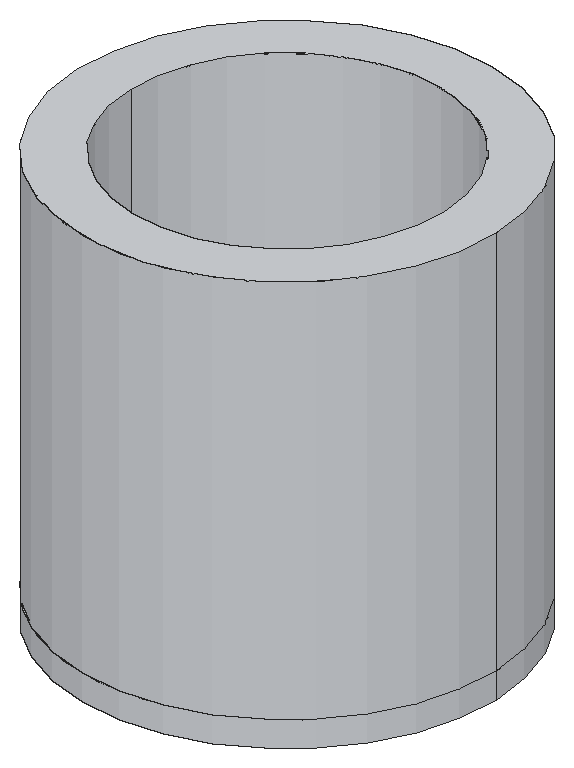
Revit family "be72fcf0095942bf83ea801dab4d96ef", category Lighting Fixtures, host Face, Revit 2021
Family settings
  Host = Face
  Round Connector Dimension = Use Diameter
  Part Type = Normal
  OmniClass Number = 23.80.70.11.14.11
  OmniClass Title = Downlights
  Seek Item ID = Downlight - Recessed Can-0000-USA-ENU
  Cut with Voids When Loaded = No
  Light Source = Yes
  Shared = No
  Room Calculation Point = No
Parameters (values of type "Fluorescent - 277V")
  Wattage = 18 W
  built-in parameter 1150110 = 1 (stored number, unit not read)
  built-in parameter 1150109 = 1 (stored number, unit not read)
  built-in parameter 1150134 = 8
  built-in parameter 1150113 = 1 (stored number, unit not read)
  Tilt Angle = -90.00°
  Recessing Radius = Recessing Diameter / 2  # 0' - 4"
  Recessing Inner Radius = Recessing Radius - 0' 1"  # 0' - 3"
  Recessing Height = 0' - 8"
  Recessing Diameter = 0' - 8"
  Photometric Web File = "DRC1CF.ies"
  Material = none
  Lumens = 1249.92 lm
  built-in parameter 1114217 = 0.88 (stored number, unit not read)
  built-in parameter 1150115 = 1 (stored number, unit not read)
  built-in parameter 1150105 = 99.465 (stored number, unit not read)
  Load Classification = Lighting - Dwelling Unit
  built-in parameter 1150137 = 1
  built-in parameter 1150139 = (empty or 0)
  built-in parameter 1150112 = 1 (stored number, unit not read)
  built-in parameter 1150114 = 1 (stored number, unit not read)
  Lamp = ""
  built-in parameter 1150132 = (empty or 0)
  built-in parameter 1150102 = (empty or 0)
  built-in parameter 1150138 = (empty or 0)
  built-in parameter 1150107 = 4230 (stored number, unit not read)
  built-in parameter 1150106 = 0.99465 (stored number, unit not read)
  built-in parameter 1150104 = 6.4512 (stored number, unit not read)
  Dimming Lamp Color Temperature Shift = <None>
  Default Elevation = 4' - 0"
  Color Filter = 16777215
  built-in parameter 1140040 [instance] = 1
  Ballast Voltage = 277 V
  Ballast Number of Poles = 1
  built-in parameter 1114218 = 0.88 (stored number, unit not read)
  built-in parameter 1150133 = 10 (stored number, unit not read)
  Assembly Code = "D5020210"
  Apparent Load = 18 VA
Types (7): name | Wattage | built-in parameter 1150134 | Recessing Radius | Recessing Inner Radius | Recessing Diameter | Photometric Web File | Lumens | built-in parameter 1114217 | built-in parameter 1150105 | Lamp | built-in parameter 1150107 | built-in parameter 1150106 | built-in parameter 1150104 | Ballast Voltage | built-in parameter 1114218 | Assembly Code | Apparent Load
  (no name) | 18 W | 8 | 0' - 4" | 0' - 3" | 0' - 8" | "DRC1CF.ies" | 1249.92 lm | 0.88 (stored number, unit not read) | 99.465 (stored number, unit not read) | "" | 4230 (stored number, unit not read) | 0.99465 (stored number, unit not read) | 6.4512 (stored number, unit not read) | 277 V | 0.88 (stored number, unit not read) | "D5020210" | 18 VA
  6" Incandescent - 120V | 60 W | 4 | 0' - 3" | 0' - 2" | 0' - 6" | "CLFR1A19.ies" | 855 lm | 1 (stored number, unit not read) | 68.039 (stored number, unit not read) | "A-19" | 2800 (stored number, unit not read) | 0.68039 (stored number, unit not read) | 1.3239 (stored number, unit not read) | 120 V | 1 (stored number, unit not read) | "D5020220" | 60 VA
  6" Incandescent - 277V | 60 W | 4 | 0' - 3" | 0' - 2" | 0' - 6" | "CLFR1A19.ies" | 855 lm | 1 (stored number, unit not read) | 68.039 (stored number, unit not read) | "A-19" | 2800 (stored number, unit not read) | 0.68039 (stored number, unit not read) | 1.3239 (stored number, unit not read) | 277 V | 1 (stored number, unit not read) | "D5020220" | 60 VA
  8" Incandescent - 120V | 100 W | 4 | 0' - 4" | 0' - 3" | 0' - 8" | "CLFR1A21.ies" | 1750 lm | 1 (stored number, unit not read) | 139.26 (stored number, unit not read) | "A-19" | 2800 (stored number, unit not read) | 1.3926 (stored number, unit not read) | 1.6258 (stored number, unit not read) | 120 V | 1 (stored number, unit not read) | "D5020220" | 100 VA
  8" Incandescent - 277V | 100 W | 4 | 0' - 4" | 0' - 3" | 0' - 8" | "CLFR1A21.ies" | 1750 lm | 1 (stored number, unit not read) | 139.26 (stored number, unit not read) | "A-19" | 2800 (stored number, unit not read) | 1.3926 (stored number, unit not read) | 1.6258 (stored number, unit not read) | 277 V | 1 (stored number, unit not read) | "D5020220" | 100 VA
  Fluorescent - 120V | 18 W | 8 | 0' - 4" | 0' - 3" | 0' - 8" | "DRC1CF.ies" | 1249.92 lm | 0.88 (stored number, unit not read) | 99.465 (stored number, unit not read) | "" | 4230 (stored number, unit not read) | 0.99465 (stored number, unit not read) | 6.4512 (stored number, unit not read) | 120 V | 0.88 (stored number, unit not read) | "D5020210" | 18 VA
  Fluorescent - 277V | 18 W | 8 | 0' - 4" | 0' - 3" | 0' - 8" | "DRC1CF.ies" | 1249.92 lm | 0.88 (stored number, unit not read) | 99.465 (stored number, unit not read) | "" | 4230 (stored number, unit not read) | 0.99465 (stored number, unit not read) | 6.4512 (stored number, unit not read) | 277 V | 0.88 (stored number, unit not read) | "D5020210" | 18 VA
Reference planes (in)
  plane 1 "Center (Front/Back)": y = 0
  plane 2: z = 0
  plane 3 "Center (Left/Right)": x = 0
  plane 4: z = -36
  plane 5: z = -7.5
  plane 6: z = -8
  plane 7: z = -3
Forms (in)
  Extrusion 1, void
    sketch origin (0, 0, 0) x (1, 0, 0) y (0, 1, 0)
      loop
        circle (0, 0) r 4
    from 0 to -36
  Extrusion 2, solid, material <- "Material"
    sketch origin (0, 0, 0) x (1, 0, 0) y (0, 1, 0)
      loop
        circle (0, 0) r 4
      loop
        circle (0, 0) r 3
    from -7.5 to 0
  Extrusion 3, solid, material <- "Material"
    sketch origin (0, 0, 0) x (1, 0, 0) y (0, 1, 0)
      loop
        circle (0, 0) r 4
    from -8 to -7.5
Lines and regions (in)
  symbolic lines, detail levels coarse+medium
    curve 1: line (0, 0, 0) -> (-2.82843, 2.82843, 0)
    curve 2: line (0, 0, 0) -> (2.82843, -2.82843, 0)
  symbolic lines
    curve 3: circle (0, 0, 0) r 4 normal (0, 0, 1)
Dimensions and locks (in)
  locked: plane 2 to plane 4 at 36
  locked: plane 5 to plane 6 at 0.5
  "Recessing Height": plane 2 to plane 6
  "Recessing Radius": curve 2 to curve 2
  host face to plane 7 = 0' - 3"
  "Recessing Radius": radius of Extrusion 1 sketch curve
  "Recessing Radius": radius of Extrusion 2 sketch curve
  "Recessing Radius": radius of Extrusion 3 sketch curve
  "Recessing Inner Radius": radius of Extrusion 2 sketch curve
  "Recessing Radius": radius of curve 3
  locked: curve 1 to plane 1 "Center (Front/Back)" (angle 45.00°)
  locked: curve 2 to plane 1 "Center (Front/Back)" (angle 45.00°)
  aligned and locked: plane 2 to host face
  aligned and locked: level to host face
  aligned and locked: plane 1 "Center (Front/Back)" to Extrusion 1 sketch curve
  aligned and locked: plane 3 "Center (Left/Right)" to Extrusion 1 sketch curve
  aligned and locked: Extrusion 1 to plane 2
  aligned and locked: Extrusion 1 to plane 4
  aligned and locked: plane 1 "Center (Front/Back)" to Extrusion 2 sketch curve
  aligned and locked: plane 3 "Center (Left/Right)" to Extrusion 2 sketch curve
  aligned and locked: Extrusion 2 to plane 5
  aligned and locked: plane 2 to Extrusion 2
  aligned and locked: plane 1 "Center (Front/Back)" to Extrusion 3 sketch curve
  aligned and locked: plane 3 "Center (Left/Right)" to Extrusion 3 sketch curve
  aligned and locked: Extrusion 3 to plane 6
  aligned and locked: plane 5 to Extrusion 3
  aligned and locked: plane 1 "Center (Front/Back)" to curve 3
  aligned and locked: plane 3 "Center (Left/Right)" to curve 3
  aligned and locked: plane 3 "Center (Left/Right)" to imposter light
  aligned and locked: plane 1 "Center (Front/Back)" to imposter light
  aligned and locked: imposter light to plane 7
Automatic sketch dimensions
  host sketch curve to host sketch curve = 8' - 0"  (x2)
  Extrusion 2 sketch curve to Extrusion 2 sketch curve = 0' - 0"  (x2)
  curve 2 to plane 3 "Center (Left/Right)" = 0' - 0"
Connectors (in)
  electrical at (0, 0, -8), driven by "Apparent Load", driven by "Ballast Voltage", driven by "Ballast Number of Poles", driven by "Load Classification"
    settings: on Extrusion 3, index 1, voltage 277 V, apparent load 0 VA, apparent load phase1 18 VA, apparent load phase2 0 VA, apparent load phase3 0 VA, power factor 0.95, load classification "Lighting - Dwelling Unit", number of poles 1, system type 31, power factor state 1, is connector primary yes, connector utility no, sub classification motor no, connector description ""
